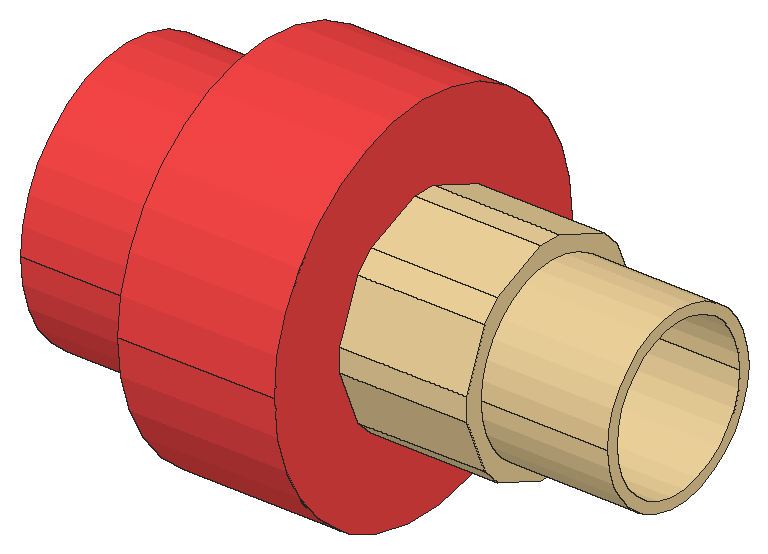
Revit family "Aquatherm_Переходник B1_3", category Соединительные детали трубопроводов, Revit 2019
Family settings
  Размер круглого соединителя = Использовать диаметр
  Тип детали = Переход
  На основе рабочей плоскости = Нет
  Всегда вертикально = Да
  При загрузке вырезать с полостями = Нет
  Общий = Нет
Parameters
  Материал_Корпус_2 = AquaTherm латунь pipe
  Материал_Корпус = AquaTherm red pipe
  z1 [instance] = z * 0.3  # 18.15 mm
  z [instance] = size_lookup("Переходник", "z", 18 mm, d, R)  # 60.5 mm
  r [instance] = R - 3 mm  # 22 mm
  n [instance] = 20 mm
  m [instance] = z  # 60.5 mm
  d1 [instance] = R - 8 mm  # 17 mm
  URL = "www.agpipe.ru"
  d [instance] = 32 mm
  SW' [instance] = SW - 1 mm  # 29 mm
  SW [instance] = size_lookup("Переходник", "SW", 18 mm, d, R)  # 30 mm
  R [instance] = 25 mm
  L [instance] = size_lookup("Переходник", "L", 18 mm, d, R)  # 78.5 mm
  D2 [instance] = D1 + 4 mm  # 42 mm
  D1 [instance] = d + 6 mm  # 38 mm
  D [instance] = size_lookup("Переходник", "D", 18 mm, d, R)  # 53 mm
  ADSK_Примечание = ""
  ADSK_Позиция [instance] = ""
  ADSK_Обозначение = ""
  ADSK_Наименование [instance] = size_lookup("Переходник", "ADSK_Наименование", "Нет в каталоге", d, R)  # "Переходник/B1 DN32x1''"
  ADSK_Масса_Текст [instance] = size_lookup("Переходник", "ADSK_Масса_Текст", "Нет в каталоге", d, R)  # "0.244"
  ADSK_Код изделия [instance] = size_lookup("Переходник", "ADSK_Код изделия", "Нет в каталоге", d, R)  # "4121314"
  ADSK_Завод-изготовитель = "Aquatherm"  # constant formula
  ADSK_Единица измерения = "шт."  # constant formula
  1 [instance] = 1 = 1  # yes
Reference planes
  plane 1 "По центру (Вперед/Назад)": y = 0
  plane 2: z = 0
  plane 3 "По центру (Влево/Вправо)": x = 0
  plane 4: x = -39.25
  plane 5: x = 39.25
  plane 6: x = -21.25
  plane 7: x = 2.95
  plane 8: x = 21.1
Forms (mm)
  Extrusion 1, solid, material "AquaTherm red pipe" <- "Материал_Корпус", visible <- "1"
    sketch origin (0, 0, 0) x (0, 1, 0) y (0, 0, 1)
      loop
        circle (0, 0) r 19
    from -39.25 to -19.3
  Extrusion 2, solid, material "AquaTherm red pipe" <- "Материал_Корпус", visible <- "1"
    sketch origin (0, 0, 0) x (0, 1, 0) y (0, 0, 1)
      loop
        circle (0, 0) r 26.5
    from -19.3 to 2.95
  Extrusion 3, void
    sketch origin (0, 0, 0) x (0, 1, 0) y (0, 0, 1)
      loop
        circle (0, 0) r 12.5
    from -8.175 to -0.3
  Extrusion 4, void
    sketch origin (0, 0, 0) x (0, 1, 0) y (0, 0, 1)
      loop
        circle (0, 0) r 16
    from -39.25 to -19.3
  Extrusion 5, void
    sketch origin (0, 0, 0) x (0, 1, 0) y (0, 0, 1)
      loop
        circle (0, 0) r 8.5
    from -19.3 to 0
  Extrusion 6, solid, material "AquaTherm латунь pipe" <- "Материал_Корпус_2", visible <- "1"
    sketch origin (0, 0, 0) x (0, 1, 0) y (0, 0, 1)
      loop
        circle (0, 0) r 12.5
    from 21.1 to 39.25
  Extrusion 7, void
    sketch origin (0, 0, 0) x (0, 1, 0) y (0, 0, 1)
      loop
        circle (0, 0) r 11
    from -0.3 to 39.25
  Extrusion 8, solid, material "AquaTherm латунь pipe" <- "Материал_Корпус_2", visible <- "1"
    sketch origin (0, 0, 0) x (0, 1, 0) y (0, 0, 1)
      loop
        circle (0, 0) r 11
      loop
        line (-6.213, 15) -> (-15, 6.213) -> (-15, -6.213) -> (-6.213, -15) -> (6.213, -15) -> (15, -6.213) -> (15, 6.213) -> (6.213, 15) -> (-6.213, 15)
    from 2.95 to 21.1
  Extrusion 9, void
    sketch origin (0, 0, 0) x (0, 1, 0) y (0, 0, 1)
      loop
        line (0, 15.695) -> (-11.098, 11.098) -> (-15.695, 0) -> (-11.098, -11.098) -> (0, -15.695) -> (11.098, -11.098) -> (15.695, 0) -> (11.098, 11.098) -> (0, 15.695)
      loop
        circle (0, 0) r 53
    from 2.95 to 21.1
Cuts and joins
  Extrusion 4, Extrusion 5 cuts Extrusion 1
  Extrusion 3, Extrusion 4, Extrusion 5, Extrusion 7, Extrusion 9 cuts Extrusion 2
  Extrusion 7 cuts Extrusion 6
  Extrusion 9 cuts Extrusion 8
Lines and regions (mm)
  reference lines
    curve 1: line (-21.25, 0, 0) -> (21.1, 0, 0)
Dimensions and locks
  equal spacing: plane 4, plane 3 "По центру (Влево/Вправо)", plane 5
  "L": plane 4 to plane 5
  "z": plane 6 to plane 5
  locked: plane 6 to Extrusion 1 at 1.95
  locked: cut or joined group of Extrusion 2, Extrusion 3, Extrusion 4, Extrusion 5, Extrusion 7, Extrusion 9 to plane 7 at 3.25
  "z1": plane 7 to plane 8
  "z1": plane 8 to plane 5
  equal spacing: cut or joined group of Extrusion 2, Extrusion 3, Extrusion 4, Extrusion 5, Extrusion 7, Extrusion 9, cut or joined group of Extrusion 2, Extrusion 3, Extrusion 4, Extrusion 5, Extrusion 7, Extrusion 9, cut or joined group of Extrusion 2, Extrusion 3, Extrusion 4, Extrusion 5, Extrusion 7, Extrusion 9
  equal spacing: Extrusion 8 sketch curve, level, Extrusion 8 sketch curve
  "SW": Extrusion 8 sketch curve to Extrusion 8 sketch curve  (x4)
  equal spacing: Extrusion 8 sketch curve, curve 1, Extrusion 8 sketch curve  (x3)
  equal spacing: Extrusion 9 sketch curve, curve 1, Extrusion 9 sketch curve  (x4)
  "SW'": Extrusion 9 sketch curve to Extrusion 9 sketch curve  (x4)
  "D1": diameter of Extrusion 1 sketch curve
  "D": diameter of Extrusion 2 sketch curve
  "R": diameter of Extrusion 3 sketch curve
  "d": diameter of Extrusion 4 sketch curve
  "d1": diameter of Extrusion 5 sketch curve
  "R": diameter of Extrusion 6 sketch curve
  "r": diameter of Extrusion 7 sketch curve
  "r": diameter of Extrusion 8 sketch curve
  "D": radius of Extrusion 9 sketch curve
  locked: Extrusion 8 sketch curve to Extrusion 8 sketch curve (angle 135.00°)  (x4)
  locked: Extrusion 9 sketch curve to Extrusion 9 sketch curve (angle 135.00°)  (x4)
  aligned and locked: level to plane 2
  aligned and locked: Extrusion 1 to plane 4
  aligned and locked: Extrusion 2 to Extrusion 1
  aligned and locked: Extrusion 4 to plane 4
  aligned and locked: plane 7 to Extrusion 2
  aligned and locked: Extrusion 2 to Extrusion 5
  aligned and locked: Extrusion 4 to Extrusion 2
  aligned and locked: plane 5 to Extrusion 6
  aligned and locked: plane 3 "По центру (Влево/Вправо)" to Extrusion 5
  aligned and locked: Extrusion 7 to Extrusion 3
  aligned and locked: plane 5 to Extrusion 7
  aligned and locked: plane 6 to curve 1
  aligned and locked: plane 8 to Extrusion 8
  aligned and locked: Extrusion 8 to plane 7
  aligned and locked: cut or joined group of Extrusion 8, Extrusion 9 to plane 7
  aligned and locked: plane 8 to Extrusion 9
  aligned and locked: plane 8 to curve 1
  aligned and locked: cut or joined group of Extrusion 6, Extrusion 7 to plane 8
Automatic sketch dimensions
  plane 1 "По центру (Вперед/Назад)" to curve 1 = 0 mm
  Extrusion 1 sketch curve to level = 0 mm
  Extrusion 1 sketch curve to plane 1 "По центру (Вперед/Назад)" = 0 mm
  Extrusion 2 sketch curve to level = 0 mm
  Extrusion 2 sketch curve to plane 1 "По центру (Вперед/Назад)" = 0 mm
  Extrusion 3 sketch curve to level = 0 mm
  Extrusion 3 sketch curve to plane 1 "По центру (Вперед/Назад)" = 0 mm
  Extrusion 4 sketch curve to level = 0 mm
  Extrusion 4 sketch curve to plane 1 "По центру (Вперед/Назад)" = 0 mm
  Extrusion 5 sketch curve to level = 0 mm
  Extrusion 5 sketch curve to plane 1 "По центру (Вперед/Назад)" = 0 mm
  Extrusion 6 sketch curve to level = 0 mm
  Extrusion 6 sketch curve to plane 1 "По центру (Вперед/Назад)" = 0 mm
  Extrusion 7 sketch curve to level = 0 mm
  Extrusion 7 sketch curve to plane 1 "По центру (Вперед/Назад)" = 0 mm
  Extrusion 8 sketch curve to level = 0 mm
  Extrusion 8 sketch curve to plane 1 "По центру (Вперед/Назад)" = 0 mm
  Extrusion 9 sketch curve to plane 1 "По центру (Вперед/Назад)" = 0 mm  (x2)
  Extrusion 9 sketch curve to level = 0 mm  (x2)
Connectors
  piping at (-21.25, 0, 0), diameter 32, driven by "d"
    settings: on curve 1, index 1, connector inside diameter 609.6 mm, connector length 0 mm, flow factor 0, pipe flow 0.0 L/s, pressure drop 0.0 Pa, fitting loss kfactor 0, connector angle 0.00°, fixture units 0, engagement length 0 mm, angle of deflection 0.00°, flow configuration 0, flow direction 0, fitting loss method 0, system type 28, joint type 0, gender type 0, connector reference index 2, connector utility 0, adjustable connector no, is connector primary yes, connector description ""
  piping at (21.1, 0, 0), diameter 25, driven by "R"
    settings: on curve 1, index 2, connector inside diameter 609.6 mm, connector length 0 mm, flow factor 0, pipe flow 0.0 L/s, pressure drop 0.0 Pa, fitting loss kfactor 0, connector angle 0.00°, fixture units 0, engagement length 0 mm, angle of deflection 0.00°, flow configuration 0, flow direction 0, fitting loss method 0, system type 28, joint type 0, gender type 0, connector reference index 1, connector utility 0, adjustable connector no, is connector primary no, connector description ""
